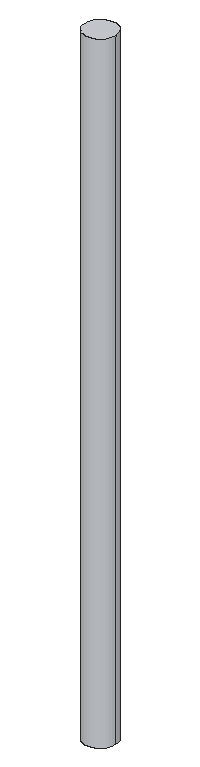
Revit family "Architectural_Round", category Columns, Revit 2024
Family settings
  Cut with Voids When Loaded = No
  Automatically joins geometry to walls = No
  Shared = No
  Show family pre-cut in plan views = No
Parameters (values of type "150 Dia.")
  EA_Repath [instance] = 0 mm
  Assembly Code = "B1010200"
  Diameter = 150 mm
  Material = none
Types (3, lengths in mm): name | Diameter
  600 Dia. | 600
  300 Dia. | 300
  150 Dia. | 150
Reference planes
  plane 1: y = 0
  plane 2: z = 0
  plane 3: x = 0
  plane 4: x = -75
  plane 5: x = 75
  plane 6: y = 75
  plane 7: y = -75
  plane 8: z = 3048
  plane 9: z = 0
Forms (mm)
  Extrusion 1, solid, material <- "Material"
    sketch origin (0, 0, 0) x (1, 0, 0) y (0, 1, 0)
      loop
        arc (-75, 0) -> (0, -75) -> (75, 0) r 75
        arc (75, 0) -> (53.033, 53.033) -> (0, 75) r 75
        arc (0, 75) -> (-53.033, 53.033) -> (-75, 0) r 75
    from 0 to 3048
Dimensions and locks
  equal spacing: plane 4, plane 3, plane 5
  "Diameter": plane 4 to plane 5
  equal spacing: plane 6, plane 1, plane 7
  "Diameter": plane 7 to plane 6
  locked: plane 9 to level
  locked: level to plane 8
  aligned and locked: Extrusion 1 to plane 9
  aligned and locked: plane 8 to Extrusion 1
Automatic sketch dimensions
  Extrusion 1 sketch curve to plane 1 = 0 mm  (x2)
  Extrusion 1 sketch curve to plane 4 = 0 mm  (x2)
  Extrusion 1 sketch curve to plane 3 = 0 mm
